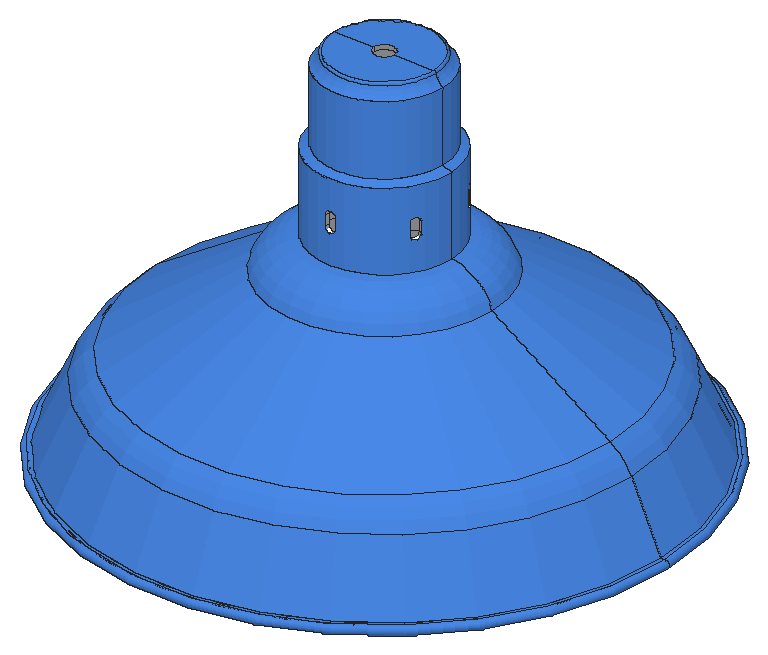
Revit family "V214 SHADE", category Lighting Fixtures, Revit 2024
Family settings
  Round Connector Dimension = Use Diameter
  Part Type = Normal
  OmniClass Number = 23.80.70.00
  OmniClass Title = Lighting
  Work Plane-Based = No
  Always vertical = Yes
  Cut with Voids When Loaded = No
  Light Source = Yes
  Maintain Annotation Orientation = No
  Shared = No
  Room Calculation Point = No
Parameters
  Wattage = 12.1178 W
  built-in parameter 1150110 = 1 (stored number, unit not read)
  built-in parameter 1114217 = 1 (stored number, unit not read)
  built-in parameter 1150109 = 1 (stored number, unit not read)
  built-in parameter 1150134 = (empty or 0)
  built-in parameter 1150113 = 1 (stored number, unit not read)
  Lumens = 1800 lm
  built-in parameter 1150115 = 1 (stored number, unit not read)
  built-in parameter 1150105 = 572.96 (stored number, unit not read)
  Light Source Symbol Size = 2' - 0"
  built-in parameter 1150137 = (empty or 0)
  built-in parameter 1150139 = (empty or 0)
  built-in parameter 1150112 = 1 (stored number, unit not read)
  built-in parameter 1150114 = 1 (stored number, unit not read)
  built-in parameter 1150132 = 2
  built-in parameter 1150102 = (empty or 0)
  built-in parameter 1150138 = (empty or 0)
  built-in parameter 1150107 = 3000 (stored number, unit not read)
  built-in parameter 1150106 = 5.7296 (stored number, unit not read)
  built-in parameter 1150104 = 13.8 (stored number, unit not read)
  Dimming Lamp Color Temperature Shift = (empty or 0)
  Default Elevation = 0' - 0"
  Color Filter = 16777215
  built-in parameter 1114218 = 1 (stored number, unit not read)
  built-in parameter 1150133 = 10 (stored number, unit not read)
Reference planes (in)
  plane 1 "Light Source Axis (F/B)": y = 0
  plane 2: z = 0
  plane 3 "Light Source Axis (L/R)": x = 0
  plane 4 "Light Source Elevation": z = 54
Forms (in)
  Revolve 1, solid
    sketch origin (0, 0, 0) x (1, 0, 0) y (0, 0, 1)
      loop
        arc (-1.21259, 63) -> (-1.24749, 62.9858) -> (-1.26257, 62.95128) r 0.05
        arc (-1.26257, 62.95128) -> (-1.33767, 62.81175) -> (-1.45, 62.7) r 0.54045
        line (-1.45, 62.7) -> (-1.45, 61) -> (-1.65, 60.9) -> (-1.65, 59)
        arc (-1.65, 59) -> (-2.27503, 58.75629) -> (-2.65, 58.2) r 1.12431
        arc (-2.65, 58.2) -> (-4.1355, 57.30824) -> (-5.57823, 56.34882) r 37.49966
        arc (-5.57823, 56.34882) -> (-5.86703, 56.08471) -> (-6.07768, 55.75488) r 1.5
        line (-6.07768, 55.75488) -> (-6.79624, 54.21875) -> (-6.89062, 54.21875)
        arc (-6.89062, 54.21875) -> (-6.96223, 54.0267) -> (-6.78237, 54.125) r 0.10938
        line (-6.78237, 54.125) -> (-6.73659, 54.125) -> (-5.99276, 55.71515)
        arc (-5.99276, 55.71515) -> (-5.79528, 56.02437) -> (-5.52453, 56.27198) r 1.40625
        arc (-5.52453, 56.27198) -> (-4.06911, 57.2393) -> (-2.5701, 58.13758) r 37.40591
        arc (-2.5701, 58.13758) -> (-2.1966, 58.69858) -> (-1.55625, 58.90878) r 1.03056
        line (-1.55625, 58.90878) -> (-1.55625, 60.84206) -> (-1.35625, 60.94206) -> (-1.35625, 62.65499)
        arc (-1.35625, 62.65499) -> (-1.25234, 62.76974) -> (-1.17932, 62.90625) r 0.6342
        line (-1.17932, 62.90625) -> (-0.25, 62.90625) -> (-0.25, 63) -> (-1.21259, 63)
      axis (0, 63) -> (0, 54.125)
    angle from 0 to 360
  Extrusion 2, void
    sketch origin (0, 0, 0) x (1, 0, 0) y (0, 0, 1)
      loop
        arc (0.125, 60.075) -> (0, 60.2) -> (-0.125, 60.075) r 0.125
        line (-0.125, 60.075) -> (-0.125, 59.825)
        arc (-0.125, 59.825) -> (0, 59.7) -> (0.125, 59.825) r 0.125
        line (0.125, 59.825) -> (0.125, 60.075)
    from 0 to 12
  Extrusion 3, void
    sketch origin (0, 0, 0) x (0.5, -0.866025, 0) y (0, 0, 1)
      loop
        arc (0.125, 60.075) -> (0, 60.2) -> (-0.125, 60.075) r 0.125
        line (-0.125, 60.075) -> (-0.125, 59.825)
        arc (-0.125, 59.825) -> (0, 59.7) -> (0.125, 59.825) r 0.125
        line (0.125, 59.825) -> (0.125, 60.075)
    from 0 to 12
  Extrusion 4, void
    sketch origin (0, 0, 0) x (0.5, 0.866025, 0) y (0, 0, 1)
      loop
        arc (0.125, 60.075) -> (0, 60.2) -> (-0.125, 60.075) r 0.125
        line (-0.125, 60.075) -> (-0.125, 59.825)
        arc (-0.125, 59.825) -> (0, 59.7) -> (0.125, 59.825) r 0.125
        line (0.125, 59.825) -> (0.125, 60.075)
    from 0 to 12
  Extrusion 5, void
    sketch origin (0, 0, 0) x (-0.5, 0.866025, 0) y (0, 0, 1)
      loop
        arc (0.125, 60.075) -> (0, 60.2) -> (-0.125, 60.075) r 0.125
        line (-0.125, 60.075) -> (-0.125, 59.825)
        arc (-0.125, 59.825) -> (0, 59.7) -> (0.125, 59.825) r 0.125
        line (0.125, 59.825) -> (0.125, 60.075)
    from 0 to 12
  Extrusion 6, void
    sketch origin (0, 0, 0) x (-1, 0, 0) y (0, 0, 1)
      loop
        arc (0.125, 60.075) -> (0, 60.2) -> (-0.125, 60.075) r 0.125
        line (-0.125, 60.075) -> (-0.125, 59.825)
        arc (-0.125, 59.825) -> (0, 59.7) -> (0.125, 59.825) r 0.125
        line (0.125, 59.825) -> (0.125, 60.075)
    from 0 to 12
  Extrusion 7, void
    sketch origin (0, 0, 0) x (-0.5, -0.866025, 0) y (0, 0, 1)
      loop
        arc (0.125, 60.075) -> (0, 60.2) -> (-0.125, 60.075) r 0.125
        line (-0.125, 60.075) -> (-0.125, 59.825)
        arc (-0.125, 59.825) -> (0, 59.7) -> (0.125, 59.825) r 0.125
        line (0.125, 59.825) -> (0.125, 60.075)
    from 0 to 12
Cuts and joins
  Extrusion 2, Extrusion 3, Extrusion 4, Extrusion 5, Extrusion 6, Extrusion 7 cuts Revolve 1
Dimensions and locks (in)
  aligned and locked: plane 3 "Light Source Axis (L/R)" to imposter light
  aligned and locked: plane 1 "Light Source Axis (F/B)" to imposter light
  aligned and locked: plane 4 "Light Source Elevation" to imposter light
  aligned and locked: level to plane 2
